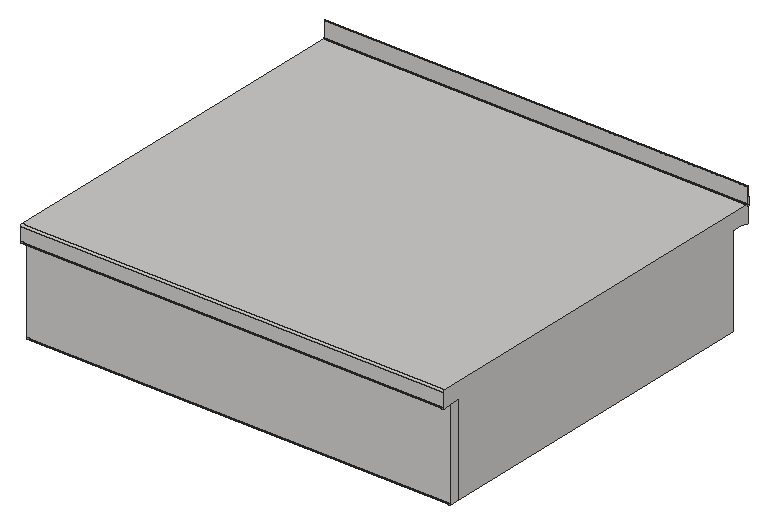
Revit family "QF_ELECTROLUXPROFESSIONAL_589169_MCNABBJOOO", category Specialty Equipment, Revit 2018
Family settings
  Round Connector Dimension = Use Diameter
  Part Type = Normal
  Work Plane-Based = No
  Always vertical = Yes
  Cut with Voids When Loaded = No
  Shared = No
  Room Calculation Point = No
Parameters
  Weight in Pounds = 74.95
  URL Cutsheet = "www.electrolux.com/professional"
  URL = "www.electrolux.com/professional"
  Type Mark [instance] = ""
  Status [instance] = ""
  Specification by User [instance] = ""
  Specification by Manufacturer = ""
  Serial Number = ""
  Seismic Rating = ""
  SMACNA No = ""
  Revision Code [instance] = ""
  Omniclass Number and Title = ""
  NAFEM Spec ID Number = ""
  Model = "589169"
  Masterspec = ""
  Manufacturer = "ELECTROLUX"
  Item Number [instance] = ""
  Installed By [instance] = ""
  Identify Quantity as Lot [instance] = yes
  Furnished By [instance] = ""
  Foodservice Equipment Identifier [instance] = yes
  Direct Waste Size = 0"
  Description = "WORK TOP,CLOSED,1S,BACKSPL,1000X900X250H"
  CSI MasterFormat = ""
  CSI Master Format = ""
Reference planes
  plane 1 "BACK": y = 0
  plane 2: z = 0
  plane 3 "LEFT": x = 0
  plane 4 "RIGHT": x = 1000
  plane 5 "FRONT": y = -900
  plane 6 "TOP": z = 250
  plane 7 "Center Y": x = 500
  plane 8 "Center X": y = -450
  plane 9: z = 288
Forms (mm)
  Extrusion 1, solid, material "QF_Finishes_Stainless Steel"
    sketch origin (0, 50.048, 0) x (0, 1, 0) y (0, 0, 1)
      loop
        line (-95.048, 213) -> (-71.412, 213) -> (-54.743, 210.061)
        arc (-54.743, 210.061) -> (-51.477, 210.936) -> (-50.048, 214) r 4
        line (-50.048, 214) -> (-50.048, 246)
        arc (-50.048, 246) -> (-51.22, 248.828) -> (-54.048, 250) r 4
        line (-54.048, 250) -> (-946.048, 250)
        arc (-946.048, 250) -> (-948.877, 248.828) -> (-950.048, 246) r 4
        line (-950.048, 246) -> (-950.048, 214)
        arc (-950.048, 214) -> (-948.619, 210.936) -> (-945.353, 210.061) r 4
        line (-945.353, 210.061) -> (-928.509, 213) -> (-905.048, 213) -> (-905.048, 0) -> (-95.048, 0) -> (-95.048, 213)
    from 0 to 1000
  Extrusion 2, solid, material "QF_Finishes_Stainless Steel"
    sketch origin (0, 50.048, 0) x (0, 1, 0) y (0, 0, 1)
      loop
        arc (-928.048, 213) -> (-929.462, 212.414) -> (-930.048, 211) r 2
        line (-930.048, 211) -> (-930.048, 2)
        arc (-930.048, 2) -> (-929.462, 0.586) -> (-928.048, 0) r 2
        line (-928.048, 0) -> (-905.048, 0) -> (-905.048, 213) -> (-928.048, 213)
    from 0 to 1000
  Extrusion 3, solid, material "QF_Finishes_Stainless Steel"
    sketch origin (0, -950.048, 0) x (0, -1, 0) y (0, 0, -1)
      loop
        arc (-948.097, -252.006) -> (-947.511, -250.592) -> (-946.097, -250.006) r 2
        arc (-946.097, -250.006) -> (-948.877, -248.828) -> (-950.048, -246) r 4
        line (-950.048, -246) -> (-950.048, -288.006) -> (-948.097, -288.006) -> (-948.097, -252.006)
    from 0 to 1000
Lines and regions (mm)
  symbolic lines
    curve 1: line (0, 0, 0) -> (1000, 0, 0)
    curve 2: line (0, -900, 0) -> (0, 0, 0)
    curve 3: line (1000, -900, 0) -> (0, -900, 0)
    curve 4: line (1000, 0, 0) -> (1000, -900, 0)
    curve 5: line (0, -1.951, 0) -> (1000, -1.951, 0)
Dimensions and locks
  equal spacing: plane 3 "LEFT", plane 7 "Center Y", plane 4 "RIGHT"
  plane 3 "LEFT" to plane 4 "RIGHT" = 1000.00 mm
  equal spacing: plane 5 "FRONT", plane 8 "Center X", plane 1 "BACK"
  plane 5 "FRONT" to plane 1 "BACK" = 900.00 mm
  plane 6 "TOP" to level = 250.00 mm
  plane 9 to level = 288.00 mm
  plane 9 to plane 6 "TOP" = 38.00 mm
  aligned and locked: level to plane 2
  aligned and locked: Extrusion 1 to plane 4 "RIGHT"
  aligned and locked: Extrusion 2 to plane 4 "RIGHT"
  aligned and locked: Extrusion 3 to plane 4 "RIGHT"
Automatic sketch dimensions
  Extrusion 1 sketch curve to plane 5 "FRONT" = 0.00 mm
  Extrusion 1 sketch curve to plane 6 "TOP" = 0.00 mm
  Extrusion 1 sketch curve to level = 0.00 mm
  Extrusion 1 sketch curve to plane 1 "BACK" = 0.00 mm
  Extrusion 1 sketch curve to plane 5 "FRONT" = 4.695 mm
  Extrusion 1 sketch curve to plane 6 "TOP" = 39.939 mm
  Extrusion 1 sketch curve to plane 5 "FRONT" = 4.00 mm  (x2)
  Extrusion 1 sketch curve to Extrusion 1 sketch curve = 16.844 mm
  Extrusion 1 sketch curve to plane 5 "FRONT" = 45.00 mm
  plane 1 "BACK" to Extrusion 1 sketch curve = 45.00 mm
  plane 1 "BACK" to Extrusion 1 sketch curve = 21.364 mm
  plane 1 "BACK" to Extrusion 1 sketch curve = 4.00 mm
  plane 1 "BACK" to Extrusion 1 sketch curve = 4.695 mm
  Extrusion 1 sketch curve to Extrusion 1 sketch curve = 0.00 mm  (x2)
  Extrusion 1 sketch curve to Extrusion 1 sketch curve = 4.00 mm
  Extrusion 1 sketch curve to plane 6 "TOP" = 37.00 mm  (x2)
  Extrusion 1 sketch curve to Extrusion 1 sketch curve = 1.00 mm
  Extrusion 2 sketch curve to level = 0.00 mm
  Extrusion 2 sketch curve to plane 5 "FRONT" = 20.00 mm
  level to Extrusion 2 sketch curve = 2.00 mm
  Extrusion 2 sketch curve to Extrusion 2 sketch curve = 2.00 mm
  Extrusion 2 sketch curve to Extrusion 2 sketch curve = 23.00 mm
  Extrusion 2 sketch curve to plane 6 "TOP" = 39.00 mm
  Extrusion 3 sketch curve to plane 1 "BACK" = 0.00 mm  (x2)
  Extrusion 3 sketch curve to plane 6 "TOP" = 2.006 mm
  Extrusion 3 sketch curve to plane 6 "TOP" = 0.00 mm
  Extrusion 3 sketch curve to plane 9 = 0.006 mm
  Extrusion 3 sketch curve to Extrusion 3 sketch curve = 1.951 mm
  Extrusion 3 sketch curve to Extrusion 3 sketch curve = 2.00 mm
  Extrusion 3 sketch curve to Extrusion 3 sketch curve = 0.049 mm
  Extrusion 3 sketch curve to Extrusion 3 sketch curve = 0.00 mm
  plane 1 "BACK" to curve 1 = 0.00 mm
  curve 1 to plane 3 "LEFT" = 0.00 mm
  curve 1 to plane 4 "RIGHT" = 0.00 mm
  plane 5 "FRONT" to curve 4 = 0.00 mm
  curve 5 to curve 1 = 1.951 mm
